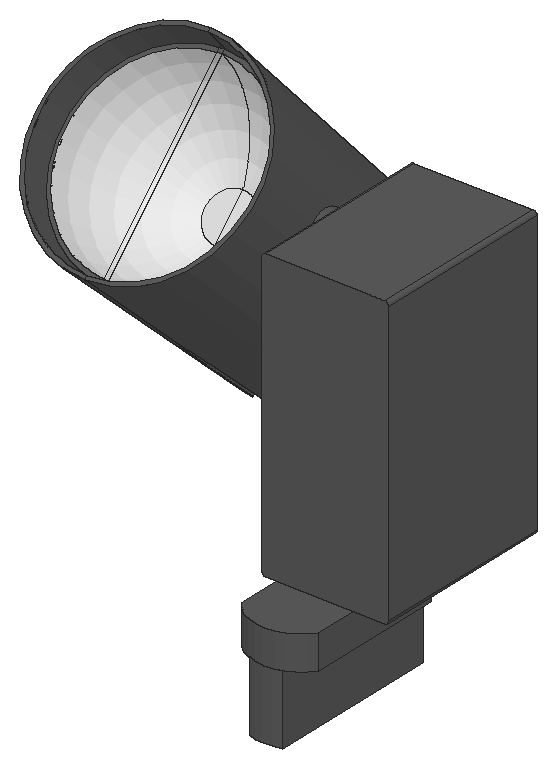
Revit family "0004852 Feilo Sylvania Lighting Fixture START TRACK SPOT S 24W 4K RA80 WB BLACK", category Lighting Fixtures, host Face, Revit 2017 (continued)
Definition of nested family "Start Track Spot Head"
  Types (96, lengths in mm): name | Wattage | built-in parameter 1150134 | Photometric Web File | Model | built-in parameter 1150105 | Lumens | built-in parameter 1150107 | built-in parameter 1150106 | HeadThickness_FEILO | HeadRibOffset_FEILO | HeadRibDepth_FEILO | HeadRibCutWidth_FEILO | HeadRibCutOffset_FEILO | HeadReflectorRadius_FEILO | HeadReflectorOffset_FEILO | HeadLEDRadius_FEILO | HeadHeight_FEILO | HeadDiffusorOffset_FEILO | HeadDiaOut_FEILO | HeadDiaIn_FEILO | HeadAxisFromTop_FEILO | Emit from Circle Diameter | built-in parameter 1150104 | Description | Apparent Load
    0004812 START TRACK SPOT S 14W 3K RA80 MB WHITE | 14 W | (empty or 0) | "0004812.ies" | "START TRACK SPOT S 14W 3K RA80 MB WHITE" | 120.32 (stored number, unit not read) | 1512 lm | 3000 (stored number, unit not read) | 1.2032 (stored number, unit not read) | 1.5 | 4.179 | 55.714 | 7.167 | 50.87 | 50.588 | 55.714 | 9.556 | 117 | 9.435 | 86 | 77.477 | 69.354 | 77.477 | 10.034 (stored number, unit not read) | "Integrated LED spotlight, Textured White - RAL9016, compact and minimalist design, ideal for retail applications, die-cast aluminium body, passive cooling heatsink. Beam angle: 36°, color temperature: 3000K , total system power: 14W, total fixture output: 1508 lm, LOR: 100%, colour rendering: Ra: 80 typical, LED Chromaticity: 3 step MacAdam ellipse, lifetime: >50000 hours at L70B50, energy class: A++, A+, A, IR/UV free light source without heat radiation, operating voltage: 220-240V / 50-60Hz, drive current: 350mA, electronic driver, non-dimmable, power factor: 0.92, electrical protection: Class II, Global Track 3 Phase adapter suitable for Global trac 3-circuit tracks, ingress protection rating: IP20, suitable for internal environment only, horizontal rotation: 355°, vertical tilt: 90°, dimensions: Ø86x140x200, weight: 0.940kg." | 14 VA
    0004811 START TRACK SPOT S 14W 3K RA80 NB WHITE | 14 W | (empty or 0) | "0004811.ies" | "START TRACK SPOT S 14W 3K RA80 NB WHITE" | 123.66 (stored number, unit not read) | 1554 lm | 3000 (stored number, unit not read) | 1.2366 (stored number, unit not read) | 1.5 | 4.179 | 55.714 | 7.167 | 50.87 | 50.588 | 55.714 | 9.556 | 117 | 9.435 | 86 | 77.477 | 69.354 | 77.477 | 10.312 (stored number, unit not read) | "Integrated LED spotlight, Textured White - RAL9016, compact and minimalist design, ideal for retail applications, die-cast aluminium body, passive cooling heatsink. Beam angle: 12°, color temperature: 3000K , total system power: 14W, total fixture output: 1551 lm, LOR: 100%, colour rendering: Ra: 80 typical, LED Chromaticity: 3 step MacAdam ellipse, lifetime: >50000 hours at L70B50, energy class: A++, A+, A, IR/UV free light source without heat radiation, operating voltage: 220-240V / 50-60Hz, drive current: 350mA, electronic driver, non-dimmable, power factor: 0.92, electrical protection: Class II, Global Track 3 Phase adapter suitable for Global trac 3-circuit tracks, ingress protection rating: IP20, suitable for internal environment only, horizontal rotation: 355°, vertical tilt: 90°, dimensions: Ø86x140x200, weight: 0.940kg." | 14 VA
  Reference planes
    plane 1 "Center (Front/Back)": y = 0
    plane 2: z = 0
    plane 3 "Center (Left/Right)": x = 0
    plane 4: x = 43
    plane 5: x = -43
    plane 6: x = -38.739
    plane 7: x = 38.739
    plane 8: z = 69.354
    plane 9: z = -47.646
    plane 10: x = -41.5
    plane 11: x = -37.239
    plane 12: z = -38.211
    plane 13: z = -35.211
    plane 14: z = 8.068
    plane 15: x = -9.556
    plane 16: x = -28.667
    plane 17: x = -19.111
    plane 18: x = -27.167
    plane 19: x = -17.611
    plane 20: x = -8.056
    plane 21: z = 13.64
    plane 22: x = -29.667
    plane 23: x = -26.167
    plane 24: x = -20.111
    plane 25: x = -16.611
    plane 26: x = -10.556
    plane 27: x = -7.056
    plane 28: x = -36.239
    plane 29: x = -40.5
    plane 30: z = 65.175
    plane 31: z = 60.997
    plane 32: z = 56.818
    plane 33: z = 18.484
    plane 34: y = -43
    plane 35: y = 43
    plane 36: y = 3.583
    plane 37: y = -3.583
    plane 38: y = -2.583
    plane 39: y = 2.583
    plane 40: y = 46
    plane 41: z = 13.5
    plane 42: z = -13.5
    plane 43: y = 39
    plane 44: x = 4.708
    plane 45: x = -2.458
    plane 46: x = -1.458
    plane 47: x = 1.458
  Forms (mm)
    Extrusion 1, solid
      sketch origin (4.2, 0, 0) x (1, 0, 0) y (0, 1, 0)
        loop
          line (-1219.2, 1219.2) -> (-1219.2, -1219.2) -> (1219.2, -1219.2) -> (1219.2, 1219.2) -> (-1219.2, 1219.2)
      from 0 to -68.017
    Revolve 2, solid, material <- "Material_1_FEILO", detail levels medium+fine
      sketch origin (0, 0, 0) x (1, 0, 0) y (0, 0, 1)
        loop
          line (-43, -47.646) -> (-41.5, -47.646) -> (-40.5, -35.211) -> (-38.739, -35.211)
          arc (-38.739, -35.211) -> (-30.16, -9.517) -> (-9.556, 8.068) r 50.588
          line (-9.556, 8.068) -> (0, 8.068) -> (0, 13.64) -> (-16.611, 13.64) -> (-17.611, 60.997) -> (-19.111, 60.997) -> (-20.111, 13.64) -> (-36.239, 13.64) -> (-37.239, 69.354) -> (-38.739, 69.354) -> (-43, -47.646)
        axis (0, 69.354) -> (0, -47.646)
      angle from 360 to 0
    Extrusion 3, void
      sketch origin (0, 0, 0) x (0, 1, 0) y (0, 0, 1)
        loop
          line (-3.583, 69.354) -> (-2.583, 18.484) -> (1.932, 18.484) -> (2.932, 69.354) -> (-3.583, 69.354)
      from 43 to -43
    Revolve 4, solid, material <- "Material_2_FEILO", detail levels medium+fine
      sketch origin (0, 0, 0) x (1, 0, 0) y (0, 0, 1)
        loop
          line (-41.5, -38.211) -> (0, -38.211) -> (0, -35.211) -> (-41.5, -35.211) -> (-41.5, -38.211)
        axis (0, -35.211) -> (0, -38.211)
      angle from 360 to 0
    Revolve 5, solid, material <- "Material_1_FEILO"
      sketch origin (0, 0, 0) x (0, 1, 0) y (0, 0, 1)
        loop
          line (46, 0) -> (39, 0) -> (39, -13.5) -> (46, -13.5) -> (46, 0)
        axis (39, 0) -> (46, 0)
      angle from 360 to 0
    Revolve 6, solid, material <- "Material_1_FEILO", detail levels medium+fine
      sketch origin (0, 0, 0) x (1, 0, 0) y (0, 0, 1)
        loop
          line (-29.667, 13.64) -> (-26.167, 13.64) -> (-27.167, 65.175) -> (-28.667, 65.175) -> (-29.667, 13.64)
        loop
          line (-10.556, 13.64) -> (-7.056, 13.64) -> (-7.833, 56.818) -> (-9.778, 56.818) -> (-10.556, 13.64)
        axis (0, 65.175) -> (0, 13.64)
      angle from 360 to 0
    Extrusion 7, void
      sketch origin (0, 0, 0) x (1, 0, 0) y (0, 0, 1)
        loop
          line (4.708, 69.354) -> (-2.458, 69.354) -> (-1.458, 13.64) -> (1.458, 13.64) -> (4.708, 69.354)
      from -43 to 43
    Revolve 8, solid, material <- "Material_1_FEILO", detail levels coarse
      sketch origin (0, 0, 0) x (1, 0, 0) y (0, 0, 1)
        loop
          line (0, 69.354) -> (-38.739, 69.354) -> (-43, -47.646) -> (-41.5, -47.646) -> (-40.731, -38.211) -> (0, -38.211) -> (0, 69.354)
        axis (0, 69.354) -> (0, -47.646)
      angle from 360 to 0
  Cuts and joins
    Extrusion 3 cuts Revolve 2
    Extrusion 7 cuts Revolve 6
  Dimensions and locks
    equal spacing: plane 7, plane 3 "Center (Left/Right)", plane 6
    equal spacing: plane 4, plane 3 "Center (Left/Right)", plane 5
    "HeadDiaOut_FEILO": plane 4 to plane 5
    "HeadDiaIn_FEILO": plane 7 to plane 6
    "HeadHeight_FEILO": plane 8 to plane 9
    "HeadThickness_FEILO": plane 10 to plane 5
    "HeadThickness_FEILO": plane 11 to plane 6
    "HeadDiffusorOffset_FEILO": plane 12 to plane 9
    "HeadDiffusorThickness_FEILO": plane 13 to plane 12
    "HeadReflectorOffset_FEILO": plane 14 to plane 9
    "HeadLEDRadius_FEILO": plane 3 "Center (Left/Right)" to plane 15
    "HeadLEDRadius_FEILO": plane 15 to plane 17
    "HeadLEDRadius_FEILO": plane 17 to plane 16
    "HeadThickness_FEILO": plane 18 to plane 16
    "HeadThickness_FEILO": plane 19 to plane 17
    "HeadThickness_FEILO": plane 20 to plane 15
    "HeadRibDepth_FEILO": plane 8 to plane 21
    "HeadDraft_FEILO": plane 16 to plane 22
    "HeadDraft_FEILO": plane 23 to plane 18
    "HeadDraft_FEILO": plane 17 to plane 24
    "HeadDraft_FEILO": plane 25 to plane 19
    "HeadDraft_FEILO": plane 15 to plane 26
    "HeadDraft_FEILO": plane 27 to plane 20
    "HeadDraft_FEILO": plane 29 to plane 10
    "HeadDraft_FEILO": plane 28 to plane 11
    "HeadRibOffset_FEILO": plane 8 to plane 30
    "HeadRibOffset_FEILO": plane 30 to plane 31
    "HeadRibOffset_FEILO": plane 31 to plane 32
    "HeadAxisFromTop_FEILO": plane 8 to plane 2
    "HeadRibCutOffset_FEILO": plane 8 to plane 33
    equal spacing: plane 34, plane 1 "Center (Front/Back)", plane 35
    "HeadDiaOut_FEILO": plane 34 to plane 35
    equal spacing: plane 38, plane 1 "Center (Front/Back)", plane 39
    equal spacing: plane 37, plane 1 "Center (Front/Back)", plane 36
    "HeadRibCutWidth_FEILO": plane 37 to plane 36
    "HeadDraft_FEILO": plane 37 to plane 38
    locked: plane 35 to plane 40 at 3
    equal spacing: plane 41, plane 2, plane 42
    locked: plane 42 to plane 41 at 27
    locked: plane 43 to plane 35 at 4
    equal spacing: plane 45, imposter light, plane 44
    "HeadDraft_FEILO": plane 46 to plane 45
    "HeadRibCutWidth_FEILO": plane 44 to plane 45
    equal spacing: plane 47, plane 3 "Center (Left/Right)", plane 46
    "HeadReflectorRadius_FEILO": radius of Revolve 2 sketch curve
    aligned and locked: plane 2 to Extrusion 1
    aligned and locked: level to Extrusion 1
    aligned and locked: Revolve 2 sketch curve to plane 3 "Center (Left/Right)"  (x2)
    aligned and locked: plane 9 to Revolve 2 sketch curve  (x2)
    aligned and locked: plane 5 to Revolve 2 sketch curve
    aligned and locked: plane 10 to Revolve 2 sketch curve
    aligned and locked: plane 14 to Revolve 2 sketch curve
    aligned and locked: plane 8 to Revolve 2 sketch curve
    aligned and locked: Revolve 2 sketch curve to plane 13
    aligned and locked: plane 12 to Revolve 4 sketch curve
    aligned and locked: plane 3 "Center (Left/Right)" to Revolve 4 sketch curve
    aligned and locked: Revolve 4 sketch curve to plane 10
    aligned and locked: Revolve 4 sketch curve to plane 3 "Center (Left/Right)"
    aligned and locked: plane 12 to imposter light
    aligned and locked: imposter light to plane 1 "Center (Front/Back)"
    aligned and locked: Revolve 5 sketch curve to plane 2
    aligned and locked: plane 43 to Revolve 5 sketch curve
    aligned and locked: plane 42 to Revolve 5 sketch curve
    aligned and locked: Revolve 6 sketch curve to plane 3 "Center (Left/Right)"
    aligned and locked: plane 22 to Revolve 6 sketch curve
    aligned and locked: plane 30 to Revolve 6 sketch curve
    aligned and locked: plane 23 to Revolve 6 sketch curve
    aligned and locked: Revolve 6 sketch curve to plane 21  (x2)
    aligned and locked: plane 21 to Revolve 6 sketch curve
    aligned and locked: plane 17 to Revolve 2 sketch curve
    aligned and locked: plane 19 to Revolve 2 sketch curve
    aligned and locked: plane 31 to Revolve 2 sketch curve
    aligned and locked: plane 21 to Revolve 2 sketch curve
    aligned and locked: Extrusion 3 to plane 8
    aligned and locked: plane 33 to Extrusion 3
    aligned and locked: plane 8 to Extrusion 3 sketch curve
    aligned and locked: Extrusion 3 sketch curve to plane 33
    aligned and locked: Extrusion 3 to plane 5
    aligned and locked: plane 4 to Extrusion 3
    aligned and locked: plane 32 to Revolve 6 sketch curve
    aligned and locked: plane 44 to Extrusion 7 sketch curve
    aligned and locked: Extrusion 7 sketch curve to plane 8
    aligned and locked: plane 46 to Extrusion 7 sketch curve
    aligned and locked: plane 21 to Extrusion 7 sketch curve
    aligned and locked: plane 34 to Extrusion 7
    aligned and locked: Extrusion 7 to plane 35
    aligned and locked: Revolve 4 sketch curve to plane 13
    aligned and locked: Revolve 5 sketch curve to plane 40
    aligned and locked: Revolve 8 sketch curve to plane 3 "Center (Left/Right)"
    aligned and locked: Revolve 8 sketch curve to cut or joined group of Revolve 2, Extrusion 3  (x3)
    aligned and locked: plane 5 to Revolve 8 sketch curve
    aligned and locked: plane 3 "Center (Left/Right)" to Revolve 8 sketch curve
    aligned and locked: plane 12 to Revolve 8 sketch curve
  Automatic sketch dimensions
    Extrusion 1 sketch curve to Extrusion 1 sketch curve = 2438.4 mm  (x2)
    Extrusion 3 sketch curve to plane 37 = 0 mm
    Extrusion 3 sketch curve to plane 38 = 0 mm
    plane 39 to Extrusion 3 sketch curve = 0.651 mm
    Extrusion 3 sketch curve to plane 39 = 0.349 mm
    Revolve 6 sketch curve to plane 16 = 0 mm
    Revolve 6 sketch curve to plane 18 = 0 mm
    Revolve 6 sketch curve to plane 26 = 0 mm
    Revolve 6 sketch curve to plane 27 = 0 mm
    Revolve 6 sketch curve to plane 15 = 0.222 mm
    plane 9 to Revolve 6 sketch curve = 559.103 mm
    Revolve 6 sketch curve to plane 8 = 2535.555 mm
    plane 20 to Revolve 6 sketch curve = 0.222 mm
    Revolve 2 sketch curve to plane 29 = 0 mm
    Revolve 2 sketch curve to plane 6 = 0 mm  (x2)
    Revolve 2 sketch curve to plane 11 = 0 mm
    Revolve 2 sketch curve to plane 21 = 0 mm
    Revolve 2 sketch curve to plane 28 = 0 mm
    Revolve 2 sketch curve to plane 24 = 0 mm
    Revolve 2 sketch curve to plane 25 = 0 mm
    Revolve 2 sketch curve to plane 15 = 0 mm
    Revolve 2 sketch curve to Revolve 2 sketch curve = 557.155 mm
    Revolve 2 sketch curve to plane 8 = 2535.558 mm
    Extrusion 7 sketch curve to plane 45 = 0 mm
    Extrusion 7 sketch curve to plane 47 = 0 mm
    plane 9 to Revolve 4 sketch curve = 559.103 mm
    Revolve 4 sketch curve to plane 8 = 2535.555 mm
    Revolve 5 sketch curve to level = 0 mm
    plane 34 to Revolve 5 sketch curve = 1968.092 mm
    Revolve 5 sketch curve to plane 40 = 1405.763 mm
    Revolve 8 sketch curve to plane 6 = 0 mm
    Revolve 8 sketch curve to plane 29 = 0.231 mm
    plane 9 to Revolve 8 sketch curve = 559.103 mm
    Revolve 8 sketch curve to Revolve 8 sketch curve = 2535.555 mm
Definition of nested family "Start Track Spot Box"
  Parameters (values of type "Type Large White")
    URL = "http://www.feilosylvania.com"
    Type Image = (empty or 0)
    Type Comments = "n/a"
    Small_FEILO = no
    Material_3_FEILO = none
    Model = ""
    Manufacturer = "Feilo Sylvania"
    Keynote = ""
    Material_2_FEILO = none
    Description = ""
    Default Elevation = 1219.2 mm
    Cost = 0
    Material_1_FEILO = none
    BoxWidth_FEILO = 49 mm
    BoxStartAngle_FEILO [instance] = 0.00°
    BoxRadius_FEILO = 1.5 mm
    BoxHeight_FEILO = if(Small_FEILO, 112 mm, 136 mm)  # 136 mm
    BoxEndAngle_FEILO [instance] = BoxStartAngle_FEILO - 180.00°  # -180.00°
    BoxDepth_FEILO = if(Small_FEILO, 71.5 mm, 79 mm)  # 79 mm
    BoxAxisVerticalOffset_FEILO = 16 mm
    BoxAxisOffset_FEILO = BoxHeight_FEILO / 6.8  # 20 mm
    Assembly Code = ""
    Material_4_FEILO = none
  Types (4, lengths in mm): name | Small_FEILO | BoxHeight_FEILO | BoxDepth_FEILO | BoxAxisOffset_FEILO
    Type Large White | no | 136 | 79 | 20
    Type Small White | yes | 112 | 71.5 | 16.471
    Type Small Black | yes | 112 | 71.5 | 16.471
    Type Large Black | no | 136 | 79 | 20
  Reference planes
    plane 1 "Center (Front/Back)": y = 0
    plane 2: z = 0
    plane 3 "Center (Left/Right)": x = 0
    plane 4: x = 24.5
    plane 5: x = -24.5
    plane 6: y = 68
    plane 7: y = -68
    plane 8: z = 39.5
    plane 9: z = -39.5
    plane 10: y = -48
    plane 11: x = 30.5
    plane 12: x = 8.5
    plane 13: x = 21.5
    plane 14: y = 70
    plane 15: y = 72
    plane 16: x = 19.5
  Forms (mm)
    Extrusion 1, solid
      sketch origin (4.2, 0, 0) x (1, 0, 0) y (0, 1, 0)
        loop
          line (-1219.2, 1219.2) -> (-1219.2, -1219.2) -> (1219.2, -1219.2) -> (1219.2, 1219.2) -> (-1219.2, 1219.2)
      from 0 to -68.017
    Extrusion 2, solid, material <- "Material_1_FEILO"
      sketch origin (0, 0, 0) x (1, 0, 0) y (0, 1, 0)
        loop
          arc (-23, 68) -> (-24.061, 67.561) -> (-24.5, 66.5) r 1.5
          line (-24.5, 66.5) -> (-24.5, -66.5)
          arc (-24.5, -66.5) -> (-24.061, -67.561) -> (-23, -68) r 1.5
          line (-23, -68) -> (23, -68)
          arc (23, -68) -> (24.061, -67.561) -> (24.5, -66.5) r 1.5
          line (24.5, -66.5) -> (24.5, 66.5)
          arc (24.5, 66.5) -> (24.061, 67.561) -> (23, 68) r 1.5
          line (23, 68) -> (-23, 68)
      from -39.5 to 39.5
    Revolve 3, solid, not visible
      sketch origin (0, 0, 0) x (1, 0, 0) y (0, 1, 0)
        loop
          line (30.5, -48) -> (24.5, -48) -> (24.5, -68) -> (30.5, -68) -> (30.5, -48)
        axis (30.5, -48) -> (24.5, -48)
      angle from 0 <- "BoxStartAngle_FEILO" to -180 <- "BoxEndAngle_FEILO"
    Revolve 4, solid, material <- "Material_2_FEILO"
      sketch origin (0, 0, 0) x (1, 0, 0) y (0, 1, 0)
        loop
          line (8.5, 68) -> (19.5, 68) -> (19.5, 70) -> (21.5, 70) -> (21.5, 72) -> (8.5, 72) -> (8.5, 68)
        axis (8.5, 72) -> (8.5, 68)
      angle from 360 to 0
  Dimensions and locks
    equal spacing: plane 5, plane 3 "Center (Left/Right)", plane 4
    "BoxWidth_FEILO": plane 5 to plane 4
    equal spacing: plane 7, plane 1 "Center (Front/Back)", plane 6
    "BoxHeight_FEILO": plane 7 to plane 6
    equal spacing: plane 8, plane 2, plane 9
    "BoxDepth_FEILO": plane 8 to plane 9
    "BoxAxisOffset_FEILO": plane 7 to plane 10
    locked: plane 4 to plane 11 at 6
    "BoxAxisVerticalOffset_FEILO": plane 12 to plane 4
    locked: plane 12 to plane 13 at 13
    plane 6 to plane 14 to plane 15 = 2 mm locked, 2 mm locked
    locked: plane 12 to plane 16 at 11
    "BoxRadius_FEILO": radius of Extrusion 2 sketch curve  (x4)
    aligned and locked: plane 2 to Extrusion 1
    aligned and locked: level to Extrusion 1
    aligned and locked: plane 6 to Extrusion 2 sketch curve
    aligned and locked: plane 5 to Extrusion 2 sketch curve
    aligned and locked: Extrusion 2 sketch curve to plane 7
    aligned and locked: Extrusion 2 sketch curve to plane 4
    aligned and locked: Extrusion 2 to plane 8
    aligned and locked: plane 9 to Extrusion 2
    aligned and locked: Revolve 3 sketch curve to plane 10  (x2)
    aligned and locked: plane 11 to Revolve 3 sketch curve
    aligned and locked: Revolve 3 sketch curve to plane 4
    aligned and locked: plane 7 to Revolve 3 sketch curve
    aligned and locked: Revolve 4 sketch curve to plane 12
    aligned and locked: plane 6 to Revolve 4 sketch curve
    aligned and locked: plane 12 to Revolve 4 sketch curve
    aligned and locked: plane 15 to Revolve 4 sketch curve
    aligned and locked: Revolve 4 sketch curve to plane 13
    aligned and locked: Revolve 4 sketch curve to plane 14
    aligned and locked: Revolve 4 sketch curve to plane 16
    aligned and locked: Revolve 4 sketch curve to plane 6
  Automatic sketch dimensions
    Extrusion 1 sketch curve to Extrusion 1 sketch curve = 2438.4 mm  (x2)
    Revolve 3 sketch curve to plane 5 = 1499.5 mm
    plane 11 to Revolve 3 sketch curve = 1493.5 mm
    plane 15 to Revolve 4 sketch curve = 0 mm
    plane 7 to Revolve 4 sketch curve = 1456 mm
    Revolve 4 sketch curve to plane 15 = 1452 mm
